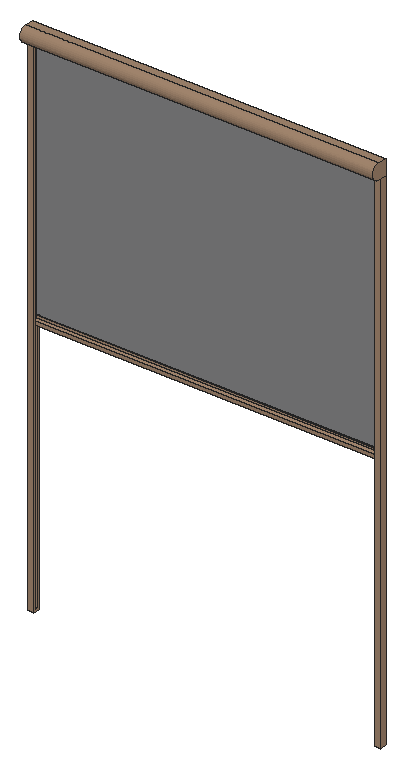
Revit family "Screen_Window_SereneSeries_PhantomScreens", category Windows, host Wall, Revit 2017
Family settings
  Host = Wall
  OmniClass Number = 23.30.60.21
  OmniClass Title = Insect Screens
  Always vertical = Yes
  Cut with Voids When Loaded = No
  Shared = No
  Room Calculation Point = No
Parameters (values of type "Type as Specified")
  URL = "http://www.phantomscreens.com/"
  Track Depth = 0' - 0 57/64"
  Specification = "http://www.phantomscreens.com/architects-designers/specifications-binder/"
  Slide Bar Height = 0' - 1 13/32"
  Slide Bar Depth = 0' - 0 23/32"
  Screen Thickness = 0' - 0 1/32"
  Screen = Suntex 80 - Charcoal
  Sales Information = "http://www.phantomscreens.com/support/"
  Revision = "R1_08-2016"
  Product Properties = "http://www.phantomscreens.com/drive/uploads/2015/05/technical_specs_serene.pdf"
  Product Data = "http://www.arcat.com/arcatcos/cos9540/arc40535.html"
  Percent Open [instance] = 50
  Model = "Serene Series"
  Manufacturer Website = "http://www.phantomscreens.com/"
  Manufacturer Phone - Toll Free = ""
  Manufacturer Phone = "604-855-3654"
  Manufacturer Fax = "604-855-7834"
  Manufacturer Address = "30451 Simpson Rd.; Abbotsford; BC; Canada V2T 6C7"
  Manufacturer = "Phantom Screens"
  Keynote = "08 11 00"
  Installation-Fabrication = "http://www.phantomscreens.com/architects-designers/options/"
  Housing Depth = 0' - 2 19/64"
  Housing Height = 0' - 2 7/64"
  Height [instance] = 6' - 0"
  Drawn By = "Sumex Design - Robert S Weygant"
  Description = "Phantom Screens Serene Series Screen"
  Default Sill Height = 3' - 0"
  Wall Closure = By host
  Width [instance] = 4' - 0"
  Copyright = "� 2016 ARCAT Inc."
  Construction Details = "http://www.arcat.com/details/phantoms/95prod3446.html"
  Assembly Code = "B2020400"
  Amount Open [instance] = Height * (Percent Open / 100)  # 3' - 0"
  Aluminum Track = Dark Acacia
  Aluminum Slide Bar = Dark Acacia
  Aluminum Housing = Dark Acacia
Reference planes (in)
  plane 1 "Center (Front/Back)": y = 0
  plane 2: z = 0
  plane 3 "Center (Left/Right)": x = 0
  plane 4 "Left": x = -24
  plane 5 "Right": x = 24
  plane 6 "Sill": z = 36
  plane 7 "Top": z = 108
  plane 8: z = 110.10938
  plane 9: x = 24.89062
  plane 10: x = -24.89062
  plane 11: y = -3
  plane 12: y = -5.29688
  plane 13: y = -3.71875
  plane 14: y = -3.89062
  plane 15: z = 72
  plane 16: z = 73.40625
  plane 17: y = -3.35938
  plane 18: y = -3.39062
Forms (in)
  Extrusion 1, solid, material "Dark Acacia" <- "Aluminum Track"
    sketch origin (0, 0, 0) x (1, 0, 0) y (0, 0, 1)
      loop
        line (24.89062, 108) -> (24, 108) -> (24, 36) -> (24.89062, 36) -> (24.89062, 108)
    from 3 to 3.89062
  Extrusion 2, solid, material "Dark Acacia" <- "Aluminum Track"
    sketch origin (0, 0, 0) x (-1, 0, 0) y (0, 0, -1)
      loop
        line (24.89062, -108) -> (24.89062, -36) -> (24, -36) -> (24, -108) -> (24.89062, -108)
    from 3 to 3.89062
  Extrusion 3, solid, material "Dark Acacia" <- "Aluminum Slide Bar"
    sketch origin (0, 0, 0) x (0, 1, 0) y (0, 0, 1)
      loop
        line (-3, 73.40625) -> (-3.44467, 73.40625) -> (-3.44467, 73.37363) -> (-3.42188, 73.35084) -> (-3.42188, 73.02273) -> (-3.71875, 72.72586) -> (-3.71875, 72.22976) -> (-3.39063, 72) -> (-3, 72) -> (-3, 73.40625)
    from -24 to 24
  Extrusion 4, solid, material "Suntex 80 - Charcoal" <- "Screen"
    sketch origin (0, 0, 0) x (0, 1, 0) y (0, 0, 1)
      loop
        line (-3.35938, 73.40625) -> (-3.35938, 108) -> (-3.39062, 108) -> (-3.39062, 73.40625) -> (-3.35938, 73.40625)
    from -24 to 24
  Extrusion 5, solid, material "Dark Acacia" <- "Aluminum Housing"
    sketch origin (0, 0, 0) x (0, 1, 0) y (0, 0, 1)
      loop
        line (-3, 110.10938) -> (-4.23437, 110.10938)
        arc (-4.23437, 110.10938) -> (-5.28906, 109.05469) -> (-4.23437, 108) r 1.05469
        line (-4.23437, 108) -> (-3, 108) -> (-3, 110.10938)
    from -24.89062 to 24.89063
  Extrusion 6, void
    sketch origin (0, 0, 36) x (0, -1, 0) y (1, 0, 0)
      loop
        line (3.16233, -24) -> (3.16233, -24.76557) -> (3.71875, -24.76557) -> (3.71875, -24) -> (3.16233, -24)
      loop
        line (3.16233, 24) -> (3.71875, 24) -> (3.71875, 24.76557) -> (3.16233, 24.76557) -> (3.16233, 24)
    from 0.26418 to 72
Cuts and joins
  Extrusion 6 cuts Extrusion 1
  Extrusion 6 cuts Extrusion 2
Text (in)
  text "EXTERIOR" at (-69.21001, -25.56818, 0), in view "Ref. Level"
  text "INTERIOR" at (-66.85452, 30.38598, 0), in view "Ref. Level"
  text "Exterior" at (0, 43.65631, 123.19604), in view "Left"
  text "Exterior" at (0, 18.29385, 125.04747), in view "Right"
Dimensions and locks (in)
  equal spacing: plane 4 "Left", plane 3 "Center (Left/Right)", plane 5 "Right"
  "Width": plane 4 "Left" to plane 5 "Right"
  "Height": plane 6 "Sill" to plane 7 "Top"
  "Default Sill Height": plane 2 to plane 6 "Sill"
  "Housing Height": plane 7 "Top" to plane 8
  "Slide Bar Depth": plane 11 to plane 13
  "Housing Depth": plane 11 to plane 12
  "Track Depth": plane 11 to plane 14
  "Screen Thickness": plane 17 to plane 18
  "Slide Bar Height": plane 15 to plane 16
  "Track Depth": plane 5 "Right" to plane 9
  "Track Depth": plane 10 to plane 4 "Left"
  "Amount Open": plane 15 to plane 6 "Sill"
  aligned and locked: level to plane 2
  aligned and locked: Extrusion 1 to plane 11
  aligned and locked: Extrusion 2 to plane 4 "Left"
  aligned and locked: plane 10 to Extrusion 2  (x2)
  aligned and locked: plane 16 to Extrusion 3 sketch curve
  aligned and locked: Extrusion 3 sketch curve to plane 11
  aligned and locked: Extrusion 3 sketch curve to plane 15
  aligned and locked: plane 13 to Extrusion 3 sketch curve
  aligned and locked: Extrusion 3 to Extrusion 4 sketch curve
  aligned and locked: Extrusion 4 sketch curve to plane 17
  aligned and locked: plane 7 "Top" to Extrusion 4 sketch curve
  aligned and locked: plane 18 to Extrusion 4 sketch curve
  aligned and locked: Extrusion 3 to plane 5 "Right"
  aligned and locked: Extrusion 4 to plane 5 "Right"
  aligned and locked: plane 5 "Right" to Extrusion 3  (x2)
  aligned and locked: Extrusion 1 to plane 9  (x2)
  aligned and locked: plane 4 "Left" to Extrusion 3
  aligned and locked: plane 16 to Extrusion 3  (x2)
  aligned and locked: Extrusion 3 to plane 15  (x2)
  aligned and locked: Extrusion 4 to plane 7 "Top"
  aligned and locked: plane 5 "Right" to Extrusion 1
  aligned and locked: plane 14 to Extrusion 2
  aligned and locked: Extrusion 4 to plane 18
  aligned and locked: plane 17 to Extrusion 4
  aligned and locked: Extrusion 2 to plane 11
  aligned and locked: Extrusion 2 to plane 14
  aligned and locked: Extrusion 4 to plane 16
  aligned and locked: plane 13 to Extrusion 3
  aligned and locked: Extrusion 3 to plane 11
  aligned and locked: plane 4 "Left" to Extrusion 4
  aligned and locked: plane 8 to Extrusion 5 sketch curve
  aligned and locked: plane 7 "Top" to Extrusion 5 sketch curve
  aligned and locked: plane 13 to Extrusion 6 sketch curve
  aligned and locked: Extrusion 6 sketch curve to plane 5 "Right"
  aligned and locked: Extrusion 5 to plane 9
  aligned and locked: plane 10 to Extrusion 5
  aligned and locked: plane 8 to Extrusion 5
  aligned and locked: plane 7 "Top" to Extrusion 5
  aligned and locked: Extrusion 6 to plane 7 "Top"
  aligned and locked: plane 14 to Extrusion 1
  aligned and locked: Extrusion 6 sketch curve to plane 13
Automatic sketch dimensions
  plane 4 "Left" to Extrusion 2 sketch curve = 0' - 0"
  Extrusion 2 sketch curve to plane 6 "Sill" = 0' - 0"
  plane 10 to Extrusion 2 sketch curve = 0' - 0"
  Extrusion 2 sketch curve to plane 7 "Top" = 0' - 0"
  plane 5 "Right" to Extrusion 1 sketch curve = 0' - 0"
  Extrusion 1 sketch curve to plane 6 "Sill" = 0' - 0"
  plane 9 to Extrusion 1 sketch curve = 0' - 0"
  Extrusion 1 sketch curve to plane 7 "Top" = 0' - 0"
  plane 14 to Extrusion 5 sketch curve = 0' - 0 11/32"
  Extrusion 5 sketch curve to host wall = 0' - 0"
  Extrusion 3 sketch curve to plane 18 = 0' - 0"
  Extrusion 3 sketch curve to plane 18 = 0' - 0 1/32"
  Extrusion 3 sketch curve to plane 16 = 0' - 0.38352"
  Extrusion 3 sketch curve to plane 16 = 0' - 0.05541"
  Extrusion 3 sketch curve to plane 18 = 0' - 0.05405"
  Extrusion 3 sketch curve to Extrusion 3 sketch curve = 0' - 0.22976"
  Extrusion 3 sketch curve to Extrusion 3 sketch curve = 0' - 0 19/64"
  Extrusion 3 sketch curve to plane 16 = 0' - 0.03262"
  Extrusion 6 sketch curve to plane 4 "Left" = 0' - 0"
  host wall to Extrusion 6 sketch curve = 0' - 0.16233"  (x2)
  Extrusion 6 sketch curve to plane 10 = 0' - 0.12505"
  plane 9 to Extrusion 6 sketch curve = 0' - 0.12505"
